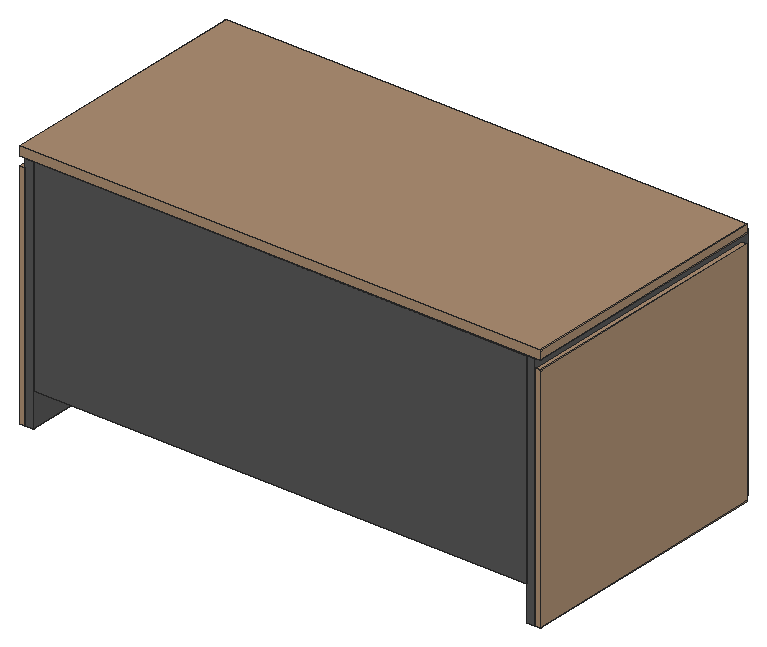
Revit family "Sanitary_Compound-Units_hansgrohe_54261XXX-Xilesa-E-Vanity-unit_980-470_1-drawer_wash-basin", category Furniture, host Face, Revit 2022
Family settings
  Host = Face
  OmniClass Number = 23.21.19.15.33.13
  OmniClass Title = Residential Bathroom Specialty Casework
  Cut with Voids When Loaded = No
  Render Appearance Source = Family Geometry
  Shared = No
  Room Calculation Point = No
Parameters (values of type "550 Cashmere Oak")
  Version = 1  # constant formula
  URL = "https://www.hansgrohe.com/"
  Product data url = "https://www.bimobject.com/en/hansgrohe/product/54261XXX"
  Product Page URL = "https://www.hansgrohe.com/articledetail--54261550"
  Model = "54261XXX"  # constant formula
  Material 3 = Hansgrohe - Metal - Black
  Material 2 = Hansgrohe - MDF - Matt Black
  Material 1 = Hansgrohe - MDF - 550 Cashmere Oak
  Manufacturer = "Hansgrohe"  # constant formula
  Height = 0 mm
  Description = "Xilesa E Vanity unit 980/470 with 1 drawer for wash basin"  # constant formula
  Default Elevation = 0 mm
  Date Updated = ""
  Date Created = "2024/02/03"  # constant formula
Types (5, lengths in mm): name | Material 1
  (no name) | Hansgrohe - MDF - 550 Cashmere Oak
  550 Cashmere Oak | Hansgrohe - MDF - 550 Cashmere Oak
  700 Matt White | Hansgrohe - MDF - 700 Matt White
  760 Slate Matt Grey | Hansgrohe - MDF - 760 Slate Matt Grey
  780 Sand Matt Beige | Hansgrohe - MDF - 780 Sand Matt Beige
Reference planes
  plane 1 "Center (Front/Back)": y = 0
  plane 2: z = 0
  plane 3 "Center (Left/Right)": x = 0
  plane 4: x = -490
  plane 5: x = 490
  plane 6: y = -500
  plane 7: z = 468
Dimensions and locks
  aligned and locked: plane 2 to host face
  aligned and locked: level to host face
Nested families
  nested 1: "54261XXX" at (0, -500, 0) x (1, 0, 0) z (0, 1, 0), Material 1 <- "Material 1", Material 2 <- "Material 2", Material 3 <- "Material 3", type "54261XXX"
    with Material 3 Hansgrohe - Metal - Black, Material 2 Hansgrohe - MDF - Matt Black, Material 1 Hansgrohe - MDF - 550 Cashmere Oak
Definition of nested family "54261XXX"
  Parameters (values of type "54261XXX")
    Version = 1  # constant formula
    URL = "https://www.hansgrohe.com/"
    Product data url = "https://www.bimobject.com/en/hansgrohe/product/54261XXX"
    Product Page URL = "https://www.hansgrohe.com/articledetail--54261550"
    Model = "54261XXX"  # constant formula
    Material 3 [instance] = none
    Material 2 [instance] = none
    Material 1 [instance] = none
    Manufacturer = "Hansgrohe"  # constant formula
    Description = "Xilesa E Vanity unit 980/470 with 1 drawer for wash basin"  # constant formula
    Default Elevation = 1219.2 mm
    Date Updated = ""
    Date Created = "2024/12/16"  # constant formula
  Reference planes
    plane 1 "Center (Front/Back)": y = 0
    plane 2: z = 0
    plane 3 "Center (Left/Right)": x = 0
  Forms (mm)
    Extrusion 1, solid, material <- "Material 1", detail levels medium+fine
      sketch origin (0, 0, 0) x (1, 0, 0) y (0, 1, 0)
        loop
          line (-480.6, 0) -> (-489.2, 0)
          arc (-489.2, 0) -> (-489.766, -0.234) -> (-490, -0.8) r 0.8
          line (-490, -0.8) -> (-490, -433.9)
          arc (-490, -433.9) -> (-489.766, -434.466) -> (-489.2, -434.7) r 0.8
          line (-489.2, -434.7) -> (-480.6, -434.7)
          arc (-480.6, -434.7) -> (-480.034, -434.466) -> (-479.8, -433.9) r 0.8
          line (-479.8, -433.9) -> (-479.8, -0.8)
          arc (-479.8, -0.8) -> (-480.034, -0.234) -> (-480.6, 0) r 0.8
        loop
          arc (480.6, 0) -> (480.034, -0.234) -> (479.8, -0.8) r 0.8
          line (479.8, -0.8) -> (479.8, -433.9)
          arc (479.8, -433.9) -> (480.034, -434.466) -> (480.6, -434.7) r 0.8
          line (480.6, -434.7) -> (489.2, -434.7)
          arc (489.2, -434.7) -> (489.766, -434.466) -> (490, -433.9) r 0.8
          line (490, -433.9) -> (490, -0.8)
          arc (490, -0.8) -> (489.766, -0.234) -> (489.2, 0) r 0.8
          line (489.2, 0) -> (480.6, 0)
      from 0 to 485
    Extrusion 2, solid, material <- "Material 1", detail levels medium+fine
      sketch origin (0, -90, 0) x (1, 0, 0) y (0, 1, 0)
        loop
          line (-489.2, -378) -> (489.2, -378)
          arc (489.2, -378) -> (489.766, -377.766) -> (490, -377.2) r 0.8
          line (490, -377.2) -> (490, -362.5)
          arc (490, -362.5) -> (489.766, -361.934) -> (489.2, -361.7) r 0.8
          line (489.2, -361.7) -> (-489.2, -361.7)
          arc (-489.2, -361.7) -> (-489.766, -361.934) -> (-490, -362.5) r 0.8
          line (-490, -362.5) -> (-490, -377.2)
          arc (-490, -377.2) -> (-489.766, -377.766) -> (-489.2, -378) r 0.8
      from 0 to 485
    Extrusion 3, solid, material <- "Material 2", detail levels medium+fine
      sketch origin (0, 0, 0) x (1, 0, 0) y (0, 1, 0)
        loop
          line (-479.8, -0.8) -> (-479.8, -448.9)
          arc (-479.8, -448.9) -> (-479.566, -449.466) -> (-479, -449.7) r 0.8
          line (-479, -449.7) -> (-464.6, -449.7)
          arc (-464.6, -449.7) -> (-464.034, -449.466) -> (-463.8, -448.9) r 0.8
          line (-463.8, -448.9) -> (-463.8, -0.8)
          arc (-463.8, -0.8) -> (-464.034, -0.234) -> (-464.6, 0) r 0.8
          line (-464.6, 0) -> (-479, 0)
          arc (-479, 0) -> (-479.566, -0.234) -> (-479.8, -0.8) r 0.8
        loop
          arc (479.8, -0.8) -> (479.566, -0.234) -> (479, 0) r 0.8
          line (479, 0) -> (464.6, 0)
          arc (464.6, 0) -> (464.034, -0.234) -> (463.8, -0.8) r 0.8
          line (463.8, -0.8) -> (463.8, -448.9)
          arc (463.8, -448.9) -> (464.034, -449.466) -> (464.6, -449.7) r 0.8
          line (464.6, -449.7) -> (479, -449.7)
          arc (479, -449.7) -> (479.566, -449.466) -> (479.8, -448.9) r 0.8
          line (479.8, -448.9) -> (479.8, -0.8)
      from 0 to 500
    Extrusion 4, solid, material <- "Material 2", detail levels fine
      sketch origin (0, 0, 0) x (1, 0, 0) y (0, 1, 0)
        loop
          line (-463.8, -65.2) -> (-463.8, -81.2) -> (463.8, -81.2) -> (463.8, -65.2) -> (-463.8, -65.2)
      from 17 to 125
    Extrusion 5, solid, material <- "Material 2", detail levels fine
      sketch origin (0, 0, 0) x (1, 0, 0) y (0, 1, 0)
        loop
          line (-463.8, -64.7) -> (-463.8, -449.7) -> (463.8, -449.7) -> (463.8, -64.7) -> (-463.8, -64.7)
      from 1 to 17
    Extrusion 6, solid, material <- "Material 3", detail levels fine
      sketch origin (0, -90, 0) x (1, 0, 0) y (0, 1, 0)
        loop
          line (-462.3, -356.9) -> (-462.3, -329.2) -> (-463.8, -329.2) -> (-463.8, -356.9)
          arc (-463.8, -356.9) -> (-463.126, -358.527) -> (-461.5, -359.2) r 2.3
          line (-461.5, -359.2) -> (461.5, -359.2)
          arc (461.5, -359.2) -> (463.126, -358.527) -> (463.8, -356.9) r 2.3
          line (463.8, -356.9) -> (463.8, -329.2) -> (462.3, -329.2) -> (462.3, -356.9)
          arc (462.3, -356.9) -> (462.066, -357.466) -> (461.5, -357.7) r 0.8
          line (461.5, -357.7) -> (-461.5, -357.7)
          arc (-461.5, -357.7) -> (-462.066, -357.466) -> (-462.3, -356.9) r 0.8
      from 449.5 to 499.5
    Extrusion 7, solid, material <- "Material 2", detail levels fine
      sketch origin (0, 0, 1) x (1, 0, 0) y (0, 0, 1)
        loop
          line (-422.898, 33.98) -> (422.898, 33.98) -> (422.898, 48.98) -> (-422.898, 48.98) -> (-422.898, 33.98)
      from 109.4 to 451.7
    Extrusion 8, solid, material <- "Material 3", detail levels fine
      sketch origin (250, 0, 1) x (1, 0, 0) y (0, 0, 1)
        loop
          line (198.3, 213.03) -> (198.3, 231.03) -> (183.3, 231.03) -> (183.3, 224.03) -> (192.95, 224.03) -> (192.95, 213.03) -> (198.3, 213.03)
      from 88.7 to 362.7
    Extrusion 9, solid, material <- "Material 3", detail levels fine
      sketch origin (250, 0, 1) x (1, 0, 0) y (0, 0, 1)
        loop
          line (200.05, 211.28) -> (200.05, 232.78) -> (181.55, 232.78) -> (181.55, 211.28) -> (200.05, 211.28)
      from 451.7 to 362.7
    Extrusion 10, solid, material <- "Material 3", detail levels fine
      sketch origin (-50, 0, 1) x (1, 0, 0) y (0, 0, 1)
        loop
          line (-392.5, 223.8) -> (-392.5, 113.608) -> (-398.2, 97.947) -> (-398.2, 48) -> (-369.9, 48) -> (-369.9, 223.8) -> (-392.5, 223.8)
        loop
          line (492.5, 223.8) -> (469.9, 223.8) -> (469.9, 48) -> (498.2, 48) -> (498.2, 97.947) -> (492.5, 113.608) -> (492.5, 223.8)
      from 91.9 to 109.4
    Extrusion 11, void
      sketch origin (-50, 0, 1) x (1, 0, 0) y (0, 0, 1)
        loop
          line (-391.5, 222.8) -> (-391.5, 113.431) -> (-397.2, 97.771) -> (-397.2, 49) -> (-370.9, 49) -> (-370.9, 222.8) -> (-391.5, 222.8)
        loop
          line (491.5, 222.8) -> (470.9, 222.8) -> (470.9, 49) -> (497.2, 49) -> (497.2, 97.771) -> (491.5, 113.431) -> (491.5, 222.8)
      from 91.9 to 108.7
    Extrusion 12, solid, material <- "Material 2", detail levels fine
      sketch origin (0, 0, 1) x (0, 1, 0) y (0, 0, 1)
        loop
          line (-92.7, 34.48) -> (-92.7, 113.5)
          arc (-92.7, 113.5) -> (-92.847, 113.854) -> (-93.2, 114) r 0.5
          line (-93.2, 114) -> (-108.2, 114)
          arc (-108.2, 114) -> (-108.554, 113.854) -> (-108.7, 113.5) r 0.5
          line (-108.7, 113.5) -> (-108.7, 34.48)
          arc (-108.7, 34.48) -> (-108.554, 34.126) -> (-108.2, 33.98) r 0.5
          line (-108.2, 33.98) -> (-93.2, 33.98)
          arc (-93.2, 33.98) -> (-92.847, 34.126) -> (-92.7, 34.48) r 0.5
      from -420 to 420
    Extrusion 13, solid, material <- "Material 3", detail levels fine
      sketch origin (-250, 0, 1) x (-1, 0, 0) y (0, 0, -1)
        loop
          line (198.3, -213.03) -> (192.95, -213.03) -> (192.95, -224.03) -> (183.3, -224.03) -> (183.3, -231.03) -> (198.3, -231.03) -> (198.3, -213.03)
      from 88.7 to 362.7
    Extrusion 14, solid, material <- "Material 3", detail levels fine
      sketch origin (-250, 0, 1) x (-1, 0, 0) y (0, 0, -1)
        loop
          line (200.05, -211.28) -> (181.55, -211.28) -> (181.55, -232.78) -> (200.05, -232.78) -> (200.05, -211.28)
      from 451.7 to 362.7
    Extrusion 15, solid, material <- "Material 1", detail levels coarse
      sketch origin (0, 0, 0) x (1, 0, 0) y (0, 1, 0)
        loop
          line (-490, -468) -> (490, -468) -> (490, 0) -> (463.8, 0) -> (463.8, -451.7) -> (-463.8, -451.7) -> (-463.8, 0) -> (-490, 0) -> (-490, -468)
      from 0 to 500
    Extrusion 16, solid, material <- "Material 3", detail levels fine
      sketch origin (0, 0, 1) x (1, 0, 0) y (0, 0, 1)
        loop
          line (452.091, 33.98) -> (452.091, 115.48) -> (433.591, 115.48) -> (432.786, 100.114) -> (430.22, 99.98) -> (427.791, 53.623)
          arc (427.791, 53.623) -> (426.271, 50.325) -> (422.898, 48.98) r 4.9
          line (422.898, 48.98) -> (422.898, 33.98) -> (452.091, 33.98)
        loop
          line (-452.091, 33.98) -> (-422.898, 33.98) -> (-422.898, 48.98)
          arc (-422.898, 48.98) -> (-426.271, 50.325) -> (-427.791, 53.623) r 4.9
          line (-427.791, 53.623) -> (-430.22, 99.98) -> (-432.786, 100.114) -> (-433.591, 115.48) -> (-452.091, 115.48) -> (-452.091, 33.98)
      from 109.4 to 451.7
  Cuts and joins
    Extrusion 11 cuts Extrusion 10
  Lines and regions (mm)
    Masking region 1
      outline origin (0, 0, 0) x (1, 0, 0) y (0, 1, 0)
        loop
          line (-490, -0.8) -> (-490, -433.9)
          arc (-490, -433.9) -> (-489.766, -434.466) -> (-489.2, -434.7) r 0.8
          line (-489.2, -434.7) -> (-480.6, -434.7)
          arc (-480.6, -434.7) -> (-480.034, -434.466) -> (-479.8, -433.9) r 0.8
          line (-479.8, -433.9) -> (-479.8, -451.7) -> (-489.2, -451.7)
          arc (-489.2, -451.7) -> (-489.766, -451.934) -> (-490, -452.5) r 0.8
          line (-490, -452.5) -> (-490, -467.2)
          arc (-490, -467.2) -> (-489.766, -467.766) -> (-489.2, -468) r 0.8
          line (-489.2, -468) -> (0, -468) -> (489.2, -468)
          arc (489.2, -468) -> (489.766, -467.766) -> (490, -467.2) r 0.8
          line (490, -467.2) -> (490, -452.5)
          arc (490, -452.5) -> (489.766, -451.934) -> (489.2, -451.7) r 0.8
          line (489.2, -451.7) -> (479.8, -451.7) -> (479.8, -433.9)
          arc (479.8, -433.9) -> (480.034, -434.466) -> (480.6, -434.7) r 0.8
          line (480.6, -434.7) -> (489.2, -434.7)
          arc (489.2, -434.7) -> (489.766, -434.466) -> (490, -433.9) r 0.8
          line (490, -433.9) -> (490, -0.8)
          arc (490, -0.8) -> (489.766, -0.234) -> (489.2, 0) r 0.8
          line (489.2, 0) -> (480.6, 0)
          arc (480.6, 0) -> (480.034, -0.234) -> (479.8, -0.8) r 0.8
          arc (479.8, -0.8) -> (479.566, -0.234) -> (479, 0) r 0.8
          line (479, 0) -> (464.6, 0)
          arc (464.6, 0) -> (464.034, -0.234) -> (463.8, -0.8) r 0.8
          line (463.8, -0.8) -> (463.8, -65.2) -> (0, -65.2) -> (-463.8, -65.2) -> (-463.8, -0.8)
          arc (-463.8, -0.8) -> (-464.034, -0.234) -> (-464.6, 0) r 0.8
          line (-464.6, 0) -> (-479, 0)
          arc (-479, 0) -> (-479.566, -0.234) -> (-479.8, -0.8) r 0.8
          arc (-479.8, -0.8) -> (-480.034, -0.234) -> (-480.6, 0) r 0.8
          line (-480.6, 0) -> (-489.2, 0)
          arc (-489.2, 0) -> (-489.766, -0.234) -> (-490, -0.8) r 0.8
    Masking region 2
      outline origin (0, 0, 0) x (0, 1, 0) y (0, 0, 1)
        loop
          line (-449.7, 500) -> (-449.7, 233.78) -> (-451.7, 233.78) -> (-451.7, 485) -> (-468, 485) -> (-468, 0) -> (-451.7, 0) -> (-451.7, 34.98) -> (-449.7, 34.98) -> (-449.7, 0) -> (0, 0) -> (0, 500) -> (-449.7, 500)
    Masking region 3
      outline origin (0, 0, 0) x (1, 0, 0) y (0, 0, 1)
        loop
          line (-490, 485) -> (-490, 0) -> (50, 0) -> (490, 0) -> (490, 485) -> (479.8, 485) -> (479.8, 500) -> (50, 500) -> (-479.8, 500) -> (-479.8, 485) -> (-490, 485)
    symbolic lines, detail levels medium+fine
      curve 1: line (-479.8, -451.7, 0) -> (0, -451.7, 0)
      curve 2: line (-463.8, -65.2, 0) -> (-463.8, -451.7, 0)
      curve 3: line (-479.8, -0.8, 0) -> (-479.8, -433.9, 0)
      curve 4: line (-463.8, -81.2, 0) -> (0, -81.2, 0)
      curve 25: line (479.8, -451.7, 0) -> (0, -451.7, 0)
      curve 26: line (463.8, -65.2, 0) -> (463.8, -451.7, 0)
      curve 27: line (479.8, -0.8, 0) -> (479.8, -433.9, 0)
      curve 28: line (463.8, -81.2, 0) -> (0, -81.2, 0)
      curve 49: line (0, -451.7, 34.98) -> (0, -451.7, 233.78)
      curve 50: line (0, -449.7, 233.78) -> (0, -449.7, 34.98)
      curve 53: line (0, -451.7, 211.28) -> (0, -449.7, 211.28)
      curve 54: line (0, -451.7, 116.48) -> (0, -449.7, 116.48)
      curve 55: line (-479.8, 0, 485) -> (479.8, 0, 485)
      curve 56: line (-463.8, 0, 500) -> (-463.8, 0, 485)
      curve 57: line (463.8, 0, 500) -> (463.8, 0, 485)
    symbolic lines, detail levels fine
      curve 5: line (-452.091, -81.2, 0) -> (-452.091, -447.7, 0)
      curve 6: line (-430.22, -81.2, 0) -> (-430.22, -91.9, 0)
      curve 7: line (0, -91.9, 0) -> (-433.3, -91.9, 0)
      curve 8: line (-433.3, -109.4, 0) -> (0, -109.4, 0)
      curve 9: line (-448.3, -88.7, 0) -> (-448.3, -361.7, 0)
      curve 10: line (-433.3, -88.7, 0) -> (-448.3, -88.7, 0)
      curve 11: line (-450.05, -361.7, 0) -> (-450.05, -447.7, 0)
      curve 12: line (-450.05, -361.7, 0) -> (-431.55, -361.7, 0)
      curve 13: line (-431.55, -361.7, 0) -> (-431.55, -447.7, 0)
      curve 14: line (0, -447.7, 0) -> (-461.5, -447.7, 0)
      curve 15: arc (-461.5, -447.7, 0) -> (-462.066, -447.466, 0) -> (-462.3, -446.9, 0) r 0.8
      curve 16: line (-462.3, -446.9, 0) -> (-462.3, -419.2, 0)
      curve 17: line (-462.3, -419.2, 0) -> (-463.8, -419.2, 0)
      curve 18: arc (-463.8, -446.9, 0) -> (-463.126, -448.527, 0) -> (-461.5, -449.2, 0) r 2.3
      curve 19: line (-461.5, -449.2, 0) -> (0, -449.2, 0)
      curve 20: line (-452.091, -449.2, 0) -> (-452.091, -451.7, 0)
      curve 21: line (-450.05, -449.2, 0) -> (-450.05, -451.7, 0)
      curve 22: line (-433.3, -361.7, 0) -> (-433.3, -88.7, 0)
      curve 23: line (-431.55, -449.2, 0) -> (-431.55, -451.7, 0)
      curve 24: line (-430.22, -449.2, 0) -> (-430.22, -451.7, 0)
      curve 29: line (452.091, -81.2, 0) -> (452.091, -447.7, 0)
      curve 30: line (430.22, -81.2, 0) -> (430.22, -91.9, 0)
      curve 31: line (0, -91.9, 0) -> (433.3, -91.9, 0)
      curve 32: line (433.3, -109.4, 0) -> (0, -109.4, 0)
      curve 33: line (448.3, -88.7, 0) -> (448.3, -361.7, 0)
      curve 34: line (433.3, -88.7, 0) -> (448.3, -88.7, 0)
      curve 35: line (450.05, -361.7, 0) -> (450.05, -447.7, 0)
      curve 36: line (450.05, -361.7, 0) -> (431.55, -361.7, 0)
      curve 37: line (431.55, -361.7, 0) -> (431.55, -447.7, 0)
      curve 38: line (0, -447.7, 0) -> (461.5, -447.7, 0)
      curve 39: arc (461.5, -447.7, 0) -> (462.066, -447.466, 0) -> (462.3, -446.9, 0) r 0.8
      curve 40: line (462.3, -446.9, 0) -> (462.3, -419.2, 0)
      curve 41: line (462.3, -419.2, 0) -> (463.8, -419.2, 0)
      curve 42: arc (463.8, -446.9, 0) -> (463.126, -448.527, 0) -> (461.5, -449.2, 0) r 2.3
      curve 43: line (461.5, -449.2, 0) -> (0, -449.2, 0)
      curve 44: line (452.091, -449.2, 0) -> (452.091, -451.7, 0)
      curve 45: line (450.05, -449.2, 0) -> (450.05, -451.7, 0)
      curve 46: line (433.3, -361.7, 0) -> (433.3, -88.7, 0)
      curve 47: line (431.55, -449.2, 0) -> (431.55, -451.7, 0)
      curve 48: line (430.22, -449.2, 0) -> (430.22, -451.7, 0)
      curve 51: line (0, 0, 485) -> (0, -434.7, 485)
      curve 52: line (0, -434.7, 485) -> (0, -434.7, 0)
      curve 58: line (-430.22, -109.4, 0) -> (-430.22, -447.7, 0)
      curve 59: line (430.22, -109.4, 0) -> (430.22, -447.7, 0)
  Dimensions and locks
    aligned and locked: level to plane 2
